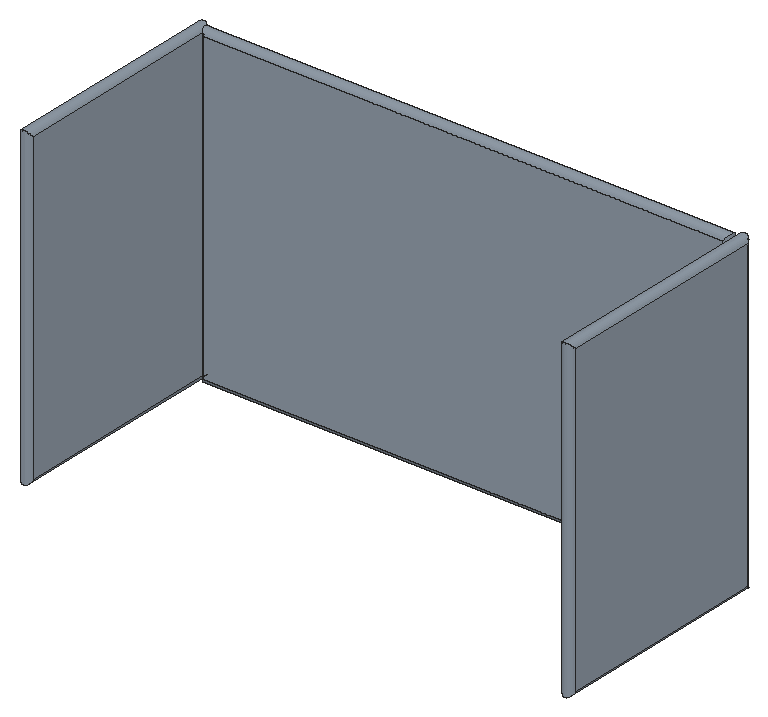
Revit family "FU_Modular_Sandler_Pau 1850PC", category Furniture, Revit 2020
Family settings
  OmniClass Number = 23.40.20.00
  OmniClass Title = General Furniture and Specialties
  Work Plane-Based = No
  Always vertical = Yes
  Cut with Voids When Loaded = No
  Shared = No
  Room Calculation Point = No
Parameters (values of type "PAU1840PC")
  Width = 2100 mm
  URL = "https://www.sandlerseating.com/product/pau1840pc/"
  Panel Finish [instance] = Fabric - Gravity - Frozen CPC27
  Model = "PAU1840PC"
  Manufacturer = "Sandler"
  Height = 895 mm
  Description = "Upholstered privacy screen on 3 sides for sofas and modules with backrest."
  Depth = 850 mm
  Default Elevation = 0 mm
Types (2, lengths in mm): name | Width
  (no name) | 1700
  PAU1840PC | 2100
Reference planes
  plane 1 "Center (Front/Back)": y = 0
  plane 2: z = 0
  plane 3 "Center (Left/Right)": x = 0
  plane 4 "Right": x = -1050
  plane 5 "Left": x = 1050
  plane 6 "Back": y = 450
  plane 7 "Front": y = -400
  plane 8 "Height": z = 895
  plane 9 "Seat height": z = 610
Dimensions and locks
  equal spacing: plane 4 "Right", plane 3 "Center (Left/Right)", plane 5 "Left"
  "Width": plane 4 "Right" to plane 5 "Left"
  plane 6 "Back" to plane 1 "Center (Front/Back)" to plane 7 "Front" = 450 mm, 400 mm
  "Depth": plane 6 "Back" to plane 7 "Front"
  "Height": plane 8 "Height" to level
  plane 9 "Seat height" to level = 610 mm
  aligned and locked: level to plane 2
  aligned and locked: nested 2 to plane 4 "Right"
  aligned and locked: nested 3 to plane 5 "Left"
Nested families
  nested 1: "FU_Modular_Sandler_Pau 1850PT" at (0, 425, 0), Panel Fabric <- "Panel Finish", type "PAU1840PT"
    with Panel Fabric Fabric - Gravity - Frozen CPC27
  nested 2: "FU_Modular_Sandler_Pau Side Panel" at (-1025, 25, 0), Panel Fabric <- "Panel Finish", type "ESC0806"
    with Panel Fabric Fabric - Gravity - Frozen CPC27
  nested 3: "FU_Modular_Sandler_Pau Side Panel" at (1025, 25, 0), Panel Fabric <- "Panel Finish", type "ESC0806"
    with Panel Fabric Fabric - Gravity - Frozen CPC27
Definition of nested family "FU_Modular_Sandler_Pau 1850PT"
  Parameters (values of type "PAU1840PT")
    Width = 2000 mm
    URL = "https://www.sandlerseating.com/product/pau1840pt/"
    Thickness = 50 mm  # constant formula
    Panel Height = 1200 mm
    Panel Fabric [instance] = none
    Model = "PAU1840PT"
    Manufacturer = "Sandler"
    Overall Elevation = 1300 mm
    Description = "Upholstered rear privacy screen for sofas and modules with backrest."
    Default Elevation = 0 mm
  Reference planes
    plane 1 "Center (Front/Back)": y = 0
    plane 2: z = 0
    plane 3 "Center (Left/Right)": x = 0
    plane 4 "Right": x = -1000
    plane 5 "Left": x = 1000
    plane 6 "Front": y = -25
    plane 7 "Back": y = 25
    plane 8 "Top": z = 1300
    plane 9 "Panel Base": z = 100
  Forms (mm)
    Extrusion 1, solid, material <- "Panel Fabric"
      sketch origin (0, 0, 400) x (-1, 0, 0) y (0, 0, 1)
        loop
          line (-1000, 900) -> (-1000, -300) -> (1000, -300) -> (1000, 900) -> (-1000, 900)
      from -25 to 25
    Sweep 2, void
      path in 3D
        loop
          line (-1000, -25, 100) -> (1000, -25, 100) -> (1000, -25, 1300) -> (-1000, -25, 1300) -> (-1000, -25, 100)
      profile "Pro_Panel EdgeCut_10x50 : Pro_Panel EdgeCut_10x50" origin (-1000, -25, 700) x (0, -1, 0) y (-1, 0, 0)
        loop
          line (20, -18.425) -> (20, 6.575) -> (-70, 6.575) -> (-70, -18.425)
          arc (-70, -18.425) -> (-60, -28.425) -> (-50, -18.425) r 10
          arc (-50, -18.425) -> (-25, 0) -> (0, -18.425) r 26.173
          arc (0, -18.425) -> (10, -28.425) -> (20, -18.425) r 10
  Cuts and joins
    Sweep 2 cuts Extrusion 1
  Lines and regions (mm)
    sketch lines
      curve 1: line (-1000, -25, 1300) -> (-1000, -25, 100)
      curve 2: line (1000, -25, 1300) -> (-1000, -25, 1300)
      curve 3: line (1000, -25, 100) -> (1000, -25, 1300)
      curve 4: line (-1000, -25, 100) -> (1000, -25, 100)
  Dimensions and locks
    "Width": plane 4 "Right" to plane 5 "Left"
    equal spacing: plane 4 "Right", plane 3 "Center (Left/Right)", plane 5 "Left"
    equal spacing: plane 7 "Back", plane 1 "Center (Front/Back)", plane 6 "Front"
    "Thickness": plane 7 "Back" to plane 6 "Front"
    "Overall Elevation": plane 8 "Top" to level
    "Panel Height": plane 8 "Top" to plane 9 "Panel Base"
    aligned and locked: level to plane 2
    aligned and locked: plane 8 "Top" to Extrusion 1 sketch curve
    aligned and locked: Extrusion 1 sketch curve to plane 4 "Right"
    aligned and locked: plane 5 "Left" to Extrusion 1 sketch curve
    aligned and locked: Extrusion 1 sketch curve to plane 9 "Panel Base"
Definition of nested family "FU_Modular_Sandler_Pau Side Panel"
  Parameters (values of type "ESC0806")
    Thickness = 50 mm
    Panel Fabric [instance] = none
    Overall Elevation = 1300 mm
    Model = "ESC0806"
    Manufacturer = "Sandler"
    Height = 1200 mm
    Description = "Upholstered side privacy screen"
    Depth = 850 mm
    Default Elevation = 0 mm
  Reference planes
    plane 1 "Center (Front/Back)": y = 0
    plane 2: z = 0
    plane 3 "Center (Left/Right)": x = 0
    plane 4 "Right": x = -25
    plane 5 "Left": x = 25
    plane 6 "Front": y = -425
    plane 7 "Back": y = 425
    plane 8 "Top": z = 1300
    plane 9 "Panel Base": z = 100
  Forms (mm)
    Extrusion 1, solid, material <- "Panel Fabric"
      sketch origin (0, 0, 477.644) x (0, 1, 0) y (0, 0, 1)
        loop
          line (-425, 822.356) -> (-425, -377.644) -> (425, -377.644) -> (425, 822.356) -> (-425, 822.356)
      from -25 to 25
    Sweep 2, void
      path in 3D
        loop
          line (25, -425, 1300) -> (25, -425, 100) -> (25, 425, 100) -> (25, 425, 1300) -> (25, -425, 1300)
      profile "Pro_Panel EdgeCut_10x50 : Pro_Panel EdgeCut_10x50" origin (25, 0, 1300) x (1, 0, 0) y (0, 0, 1)
        loop
          line (20, -18.425) -> (20, 6.575) -> (-70, 6.575) -> (-70, -18.425)
          arc (-70, -18.425) -> (-60, -28.425) -> (-50, -18.425) r 10
          arc (-50, -18.425) -> (-25, 0) -> (0, -18.425) r 26.173
          arc (0, -18.425) -> (10, -28.425) -> (20, -18.425) r 10
  Cuts and joins
    Sweep 2 cuts Extrusion 1
  Lines and regions (mm)
    sketch lines
      curve 1: line (25, 425, 1300) -> (25, -425, 1300)
      curve 2: line (25, 425, 100) -> (25, 425, 1300)
      curve 3: line (25, -425, 100) -> (25, 425, 100)
      curve 4: line (25, -425, 1300) -> (25, -425, 100)
  Dimensions and locks
    "Thickness": plane 4 "Right" to plane 5 "Left"
    equal spacing: plane 4 "Right", plane 3 "Center (Left/Right)", plane 5 "Left"
    equal spacing: plane 7 "Back", plane 1 "Center (Front/Back)", plane 6 "Front"
    "Depth": plane 7 "Back" to plane 6 "Front"
    "Overall Elevation": plane 8 "Top" to level
    "Height": plane 8 "Top" to plane 9 "Panel Base"
    aligned and locked: level to plane 2
    aligned and locked: Extrusion 1 to plane 4 "Right"
    aligned and locked: plane 5 "Left" to Extrusion 1
    aligned and locked: Extrusion 1 sketch curve to plane 8 "Top"
    aligned and locked: Extrusion 1 sketch curve to plane 7 "Back"
    aligned and locked: plane 9 "Panel Base" to Extrusion 1 sketch curve
    aligned and locked: plane 6 "Front" to Extrusion 1 sketch curve
